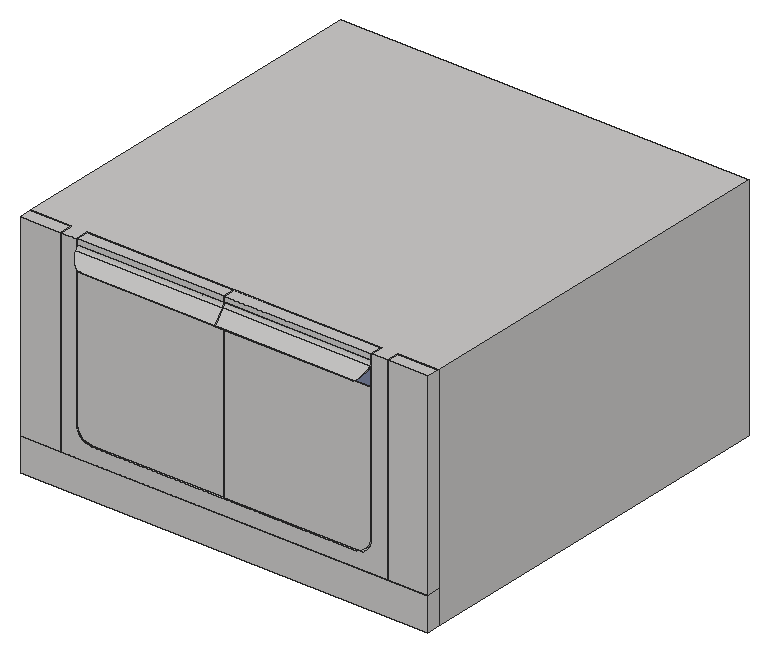
Revit family "QF_ELECTROLUXPROFESSIONAL_588584_MB1FCAHOOO", category Attrezzature speciali, Revit 2020
Family settings
  Quota connettore circolare = Usa diametro
  Tipo di parte = Normale
  Basato su piano di lavoro = No
  Sempre verticale = Sì
  Taglio con vuoti quando caricato = No
  Condiviso = No
  Punto di calcolo locali = No
Parameters (values of type "Standard")
  Weight = 29.00 kg
  Watts = 0 W
  Volts = 0 V
  URL Manufacturer = "https://www.electroluxprofessional.com/"
  URL = "https://www.electroluxprofessional.com/"
  Steam Supply Size = 0"
  Steam Supply Minimum Pressure = 0.00 psi
  Steam Supply Maximum Pressure = 0.00 psi
  Steam Consumption per Hour = 0
  Refrigeration Suction Line Size = 0 mm
  Refrigeration Liquid Line Size = 0 mm
  Refrigerant Compressor Remote = yes
  Prospetto di default = 0 mm
  Phase = 0
  Modello = "MB1FCAHOOO"
  Produttore = "Electrolux Professional"
  Length Actual = 800 mm  # constant formula
  Item Number = "588584"
  Hot Water Size = 0"
  Height Actual = 450 mm  # constant formula
  HP = "0 HP"
  Gas Size = 0"
  Gas KW = 0
  Gas Input Pressure = 0.0 Btu/h
  Direct Waste Size = 0"
  Descrizione = "CUPBOARD BASE,GN,2 DR,1-S,H2-800X850X450"
  Depth Actual = 850 mm  # constant formula
  Cycle = 0 Hz
  Condensate Return Size = 0"
  Compressed Air Volume = 0 GPM
  Compressed Air Size = 0"
  Compressed Air Pressure = 0.00 psi
  Cold Water Size = 0"
  Accessory = yes
Reference planes
  plane 1 "BACK": y = 0
  plane 2: z = 0
  plane 3 "LEFT": x = 0
  plane 4 "RIGHT": x = 800
  plane 5 "FRONT": y = -850
  plane 6 "PLAIN": z = 900
  plane 7 "Center (Left/Right)": x = 400
  plane 8 "Center (Front/Back)": y = -425
  plane 9 "TOP": z = 650
  plane 10 "BASE": z = 200
  plane 11: x = 722
  plane 12: x = 78
  plane 13 "Feet_back": y = -150
  plane 14 "Feet_Front": y = -720
  plane 15: x = 80
  plane 16: x = 720
  plane 17: z = 265
  plane 18: y = -45
  plane 19: y = -805
  plane 20: y = -70
  plane 21: y = -830
  plane 22 "ButtonZ": z = 590
Forms (mm)
  Extrusion 1, solid, material "QF_Finishes_Stainless Steel"
    sketch origin (0, 0, 650) x (0, 1, 0) y (0, 0, 1)
      loop
        line (-45, -450) -> (-45, 0) -> (-805, 0) -> (-805, -450) -> (-45, -450)
    from 0 to 800
  Extrusion 2, solid, material "QF_Finishes_Stainless Steel"
    sketch origin (0, 0, 650) x (0, 1, 0) y (0, 0, 1)
      loop
        line (-830, -450) -> (-805, -450) -> (-805, -385) -> (-830, -385) -> (-830, -450)
    from 0 to 800
  Extrusion 3, void
    sketch origin (0, -850, 0) x (1, 0, 0) y (0, 0, 1)
      loop
        line (80, 650) -> (80, 265) -> (720, 265) -> (720, 650) -> (80, 650)
    from 0 to -780
  Extrusion 4, solid, material "QF_Finishes_Stainless Steel"
    sketch origin (0, -850, 0) x (1, 0, 0) y (0, 0, 1)
      loop
        line (110, 650) -> (110, 627) -> (690, 627) -> (690, 650) -> (110, 650)
    from -45 to -805
  Extrusion 5, solid, material "QF_Finishes_Stainless Steel"
    sketch origin (0, -850, 0) x (1, 0, 0) y (0, 0, 1)
      loop
        line (80, 650) -> (80, 265) -> (720, 265) -> (720, 650) -> (690, 650) -> (690, 325)
        arc (690, 325) -> (681.213, 303.787) -> (660, 295) r 30
        line (660, 295) -> (140, 295)
        arc (140, 295) -> (118.787, 303.787) -> (110, 325) r 30
        line (110, 325) -> (110, 650) -> (80, 650)
    from -20 to -780
  Extrusion 6, solid, material "QF_Finishes_Stainless Steel"
    sketch origin (0, -850, 0) x (1, 0, 0) y (0, 0, 1)
      loop
        line (0, 650) -> (0, 265) -> (80, 265) -> (80, 650) -> (0, 650)
    from -20 to -45
  Extrusion 7, solid, material "QF_Finishes_Stainless Steel"
    sketch origin (0, -850, 0) x (1, 0, 0) y (0, 0, 1)
      loop
        line (720, 650) -> (720, 265) -> (800, 265) -> (800, 650) -> (720, 650)
    from -20 to -45
Cuts and joins
  Extrusion 3 cuts Extrusion 1
  joined: Extrusion 1, Extrusion 4, Extrusion 5
Lines and regions (mm)
  symbolic lines, style "SpecialityEquipmentHiddenLines"
    curve 1: line (0, 0, 0) -> (800, 0, 0)
    curve 2: line (0, -850, 0) -> (0, 0, 0)
    curve 3: line (800, -850, 0) -> (0, -850, 0)
    curve 4: line (800, 0, 0) -> (800, -850, 0)
Dimensions and locks
  plane 3 "LEFT" to plane 4 "RIGHT" = 800 mm
  plane 5 "FRONT" to plane 1 "BACK" = 850 mm
  equal spacing: plane 3 "LEFT", plane 7 "Center (Left/Right)", plane 4 "RIGHT"
  equal spacing: plane 5 "FRONT", plane 8 "Center (Front/Back)", plane 1 "BACK"
  plane 6 "PLAIN" to plane 9 "TOP" = 250 mm
  plane 10 "BASE" to level = 200 mm
  plane 9 "TOP" to plane 10 "BASE" = 450 mm
  locked: plane 1 "BACK" to plane 13 "Feet_back" at 150
  locked: plane 14 "Feet_Front" to plane 5 "FRONT" at 130
  locked: plane 12 to plane 3 "LEFT" at 78
  locked: plane 11 to plane 4 "RIGHT" at 78
  plane 16 to plane 15 = 640 mm
  equal spacing: plane 16, plane 7 "Center (Left/Right)", plane 15
  locked: plane 17 to plane 10 "BASE" at 65
  locked: plane 1 "BACK" to plane 18 at 45
  plane 9 "TOP" to Extrusion 4 sketch curve = 23 mm
  locked: Extrusion 4 sketch curve to plane 15 at 30
  locked: plane 16 to Extrusion 4 sketch curve at 30
  locked: Extrusion 5 sketch curve to plane 17 at 30
  plane 6 "PLAIN" to level = 900 mm
  Extrusion 5 to Extrusion 5 = 580 mm
  locked: plane 18 to plane 20 at 25
  locked: plane 21 to plane 5 "FRONT" at 20
  locked: plane 19 to plane 21 at 25
  plane 18 to plane 21 = 785 mm
  plane 22 "ButtonZ" to level = 590 mm
  aligned and locked: level to plane 2
  aligned and locked: Extrusion 1 to plane 4 "RIGHT"
  aligned and locked: Extrusion 1 to plane 3 "LEFT"
  aligned and locked: Extrusion 2 to plane 4 "RIGHT"
  aligned and locked: plane 9 "TOP" to Extrusion 3 sketch curve
  aligned and locked: Extrusion 3 sketch curve to plane 15
  aligned and locked: plane 16 to Extrusion 3 sketch curve
  aligned and locked: Extrusion 2 to plane 10 "BASE"
  aligned and locked: Extrusion 2 to plane 17
  aligned and locked: plane 17 to Extrusion 3 sketch curve
  aligned and locked: Extrusion 4 to plane 18
  aligned and locked: Extrusion 5 sketch curve to plane 15
  aligned and locked: plane 16 to Extrusion 5 sketch curve
  aligned and locked: plane 9 "TOP" to Extrusion 5 sketch curve  (x2)
  aligned and locked: plane 17 to Extrusion 5 sketch curve
  aligned and locked: Extrusion 5 sketch curve to Extrusion 4  (x2)
  aligned and locked: Extrusion 6 sketch curve to plane 9 "TOP"
  aligned and locked: plane 3 "LEFT" to Extrusion 6 sketch curve
  aligned and locked: Extrusion 6 sketch curve to plane 17
  aligned and locked: Extrusion 6 sketch curve to plane 15
  aligned and locked: Extrusion 7 sketch curve to plane 9 "TOP"
  aligned and locked: plane 16 to Extrusion 7 sketch curve
  aligned and locked: Extrusion 7 sketch curve to plane 17
  aligned and locked: plane 4 "RIGHT" to Extrusion 7 sketch curve
  aligned and locked: cut or joined group of Extrusion 1, Extrusion 3, Extrusion 4, Extrusion 5 to Extrusion 4
  aligned and locked: plane 7 "Center (Left/Right)" to nested 1
  aligned and locked: Extrusion 5 to plane 20
  aligned and locked: cut or joined group of Extrusion 1, Extrusion 3, Extrusion 4, Extrusion 5 to plane 20
  aligned and locked: cut or joined group of Extrusion 1, Extrusion 3, Extrusion 4, Extrusion 5 to plane 18
  aligned and locked: plane 19 to Extrusion 4
  aligned and locked: Extrusion 6 to plane 19
  aligned and locked: plane 21 to Extrusion 6
  aligned and locked: plane 21 to Extrusion 5
  aligned and locked: plane 21 to Extrusion 7
  aligned and locked: Extrusion 7 to plane 19
  aligned and locked: Extrusion 2 to plane 19
  aligned and locked: plane 21 to Extrusion 2
Automatic sketch dimensions
  Extrusion 1 sketch curve to plane 10 "BASE" = 0 mm
  Extrusion 1 sketch curve to plane 9 "TOP" = 0 mm
  plane 1 "BACK" to Extrusion 1 sketch curve = 45 mm
  Extrusion 1 sketch curve to plane 5 "FRONT" = 45 mm
  Extrusion 2 sketch curve to plane 5 "FRONT" = 20 mm
  Extrusion 2 sketch curve to plane 9 "TOP" = 385 mm
  plane 10 "BASE" to Extrusion 2 sketch curve = 0 mm
  Extrusion 2 sketch curve to plane 5 "FRONT" = 45 mm
  Extrusion 4 sketch curve to plane 9 "TOP" = 0 mm
  Extrusion 5 sketch curve to Extrusion 5 sketch curve = 30 mm  (x2)
  curve 3 to plane 3 "LEFT" = 0 mm
  curve 3 to plane 4 "RIGHT" = 0 mm
  plane 5 "FRONT" to curve 3 = 0 mm
  plane 1 "BACK" to curve 2 = 0 mm
Nested families
  nested 1: "H450H2_2DOOR" at (363.958, -805, 200) x (1, 0, 0) z (0, -1, 0), type "H450H2_2DOOR"
    with Width 580 mm, Wdoor 290 mm, Show Clearance yes
Definition of nested family "H450H2_2DOOR"
  Parameters
    Width [instance] = 580 mm
    Wdoor [instance] = Width / 2  # 290 mm
    Show Clearance [instance] = yes
    Model = "727995"
    Height = 450 mm
    Default Elevation = 0 mm
  Reference planes
    plane 1 "Center (Front/Back)": y = 0
    plane 2: z = 0
    plane 3 "Center (Left/Right)": x = 36.042
    plane 4 "panel": z = 25
    plane 5: x = -253.958
    plane 6: x = 326.042
    plane 7: y = 450
    plane 8: z = 290
    plane 9: z = 45
  Forms (mm)
    Extrusion 1, solid
      sketch origin (0, -919.2, 0) x (1, 0, 0) y (0, 1, 0)
        loop
          line (-980.5, 2119.2) -> (-980.5, -162.846) -> (881.94, -162.846) -> (881.94, 2119.2) -> (-980.5, 2119.2)
      from 0 to -59.546
    Extrusion 2, solid
      sketch origin (0, 0, 0) x (1, 0, 0) y (0, 1, 0)
        loop
          line (324.042, 393) -> (37.042, 393) -> (37.042, 97) -> (294.042, 97)
          arc (294.042, 97) -> (315.255, 105.787) -> (324.042, 127) r 30
          line (324.042, 127) -> (324.042, 393)
        loop
          arc (-251.958, 127) -> (-243.171, 105.787) -> (-221.958, 97) r 30
          line (-221.958, 97) -> (35.042, 97) -> (35.042, 393) -> (-251.958, 393) -> (-251.958, 127)
      from 0 to 25
    Extrusion 3, solid
      sketch origin (0, 0, 0) x (1, 0, 0) y (0, 1, 0)
        loop
          line (-251.958, 393) -> (35.042, 393) -> (35.042, 440) -> (-251.958, 440) -> (-251.958, 393)
        loop
          line (37.042, 440) -> (37.042, 393) -> (324.042, 393) -> (324.042, 440) -> (37.042, 440)
      from 0 to 25
    Extrusion 4, solid
      sketch origin (5.581, 79.805, 0) x (1, 0, 0) y (0, 1, 0)
        loop
          line (-257.539, 360.195) -> (29.461, 360.195) -> (29.461, 370.195) -> (-257.539, 370.195) -> (-257.539, 360.195)
        loop
          line (31.461, 370.195) -> (31.461, 360.195) -> (318.461, 360.195) -> (318.461, 370.195) -> (31.461, 370.195)
      from 0 to 25
    Extrusion 5, solid
      sketch origin (36.042, 0, 0) x (0, 1, 0) y (0, 0, 1)
        loop
          line (426.693, 25) -> (440.02, 25)
          arc (440.02, 25) -> (435.261, 25.775) -> (430.993, 28.02) r 15
          line (430.993, 28.02) -> (406.653, 46.362) -> (403.644, 42.369) -> (426.693, 25)
      from 1 to 288
    Extrusion 6, solid
      sketch origin (36.042, 0, 0) x (0, 1, 0) y (0, 0, 1)
        loop
          line (426.693, 25) -> (440.02, 25)
          arc (440.02, 25) -> (435.261, 25.775) -> (430.993, 28.02) r 15
          line (430.993, 28.02) -> (406.653, 46.362) -> (403.644, 42.369) -> (426.693, 25)
      from -288 to -1
    Extrusion 7, void
      sketch origin (0, 0, 0) x (1, 0, 0) y (0, 1, 0)
        loop
          arc (324.042, 426.693) -> (314.508, 412.772) -> (300.317, 403.644) r 42.603
          line (300.317, 403.644) -> (324.042, 403.644) -> (324.042, 426.693)
      from 0 to 47.9
    Extrusion 8, void
      sketch origin (72.084, 0, 0) x (-1, 0, 0) y (0, -1, 0)
        loop
          line (324.042, -426.693) -> (324.042, -403.644) -> (300.317, -403.644)
          arc (300.317, -403.644) -> (314.508, -412.772) -> (324.042, -426.693) r 42.603
      from 0 to 47.9
    Extrusion 9, solid, detail levels coarse
      sketch origin (0, 0, 0) x (1, 0, 0) y (0, 0, 1)
        loop
          arc (36.042, 25) -> (-41.575, 212.383) -> (-228.958, 290) r 265
          line (-228.958, 290) -> (-228.958, 25) -> (36.042, 25)
      from -450 to -97
    Extrusion 10, solid, detail levels coarse
      sketch origin (0, 0, 0) x (1, 0, 0) y (0, 0, 1)
        loop
          arc (301.042, 290) -> (113.659, 212.383) -> (36.042, 25) r 265
          line (36.042, 25) -> (301.042, 25) -> (301.042, 290)
      from -450 to -97
  Cuts and joins
    Extrusion 8 cuts Extrusion 6
    Extrusion 7 cuts Extrusion 5
  Lines and regions (mm)
    symbolic lines
      curve 1: line (326.042, 0, 45) -> (326.042, 0, 290)
      curve 2: line (301.042, 0, 45) -> (301.042, 0, 290)
      curve 3: line (326.042, 0, 290) -> (301.042, 0, 290)
      curve 4: line (-253.958, 0, 45) -> (-253.958, 0, 290)
      curve 5: line (-228.958, 0, 45) -> (-228.958, 0, 290)
      curve 6: line (-253.958, 0, 290) -> (-228.958, 0, 290)
      curve 7: arc (301.042, 0, 290) -> (120.901, 0, 219.356) -> (36.804, 0, 45.088) r 265
      curve 8: arc (35.286, 0, 44.997) -> (-48.783, 0, 219.325) -> (-228.958, 0, 290) r 265
  Dimensions and locks
    plane 4 "panel" to level = 25 mm
    "Width": plane 5 to plane 6
    equal spacing: plane 5, plane 3 "Center (Left/Right)", plane 6
    "Height": plane 1 "Center (Front/Back)" to plane 7
    locked: plane 5 to Extrusion 2 sketch curve at 2
    locked: Extrusion 2 sketch curve to plane 6 at 2
    locked: plane 1 "Center (Front/Back)" to Extrusion 2 sketch curve at 97
    locked: plane 7 to Extrusion 2 sketch curve at 57
    locked: Extrusion 2 sketch curve to plane 3 "Center (Left/Right)" at 1
    locked: plane 3 "Center (Left/Right)" to Extrusion 2 sketch curve at 1
    Extrusion 3 sketch curve to Extrusion 2 = 47 mm
    "Wdoor": plane 8 to level
    locked: curve 2 to curve 1 at 25
    locked: curve 5 to curve 4 at 25
    plane 4 "panel" to plane 9 = 20 mm
    aligned and locked: plane 2 to Extrusion 1
    aligned and locked: level to Extrusion 1
    aligned and locked: plane 4 "panel" to Extrusion 2
    aligned and locked: Extrusion 2 to Extrusion 3 sketch curve
    aligned and locked: Extrusion 3 sketch curve to Extrusion 2  (x2)
    aligned and locked: Extrusion 3 sketch curve to Extrusion 3 sketch curve
    aligned and locked: plane 4 "panel" to Extrusion 3
    aligned and locked: Extrusion 4 sketch curve to Extrusion 4 sketch curve
    aligned and locked: Extrusion 4 sketch curve to Extrusion 3  (x3)
    aligned and locked: Extrusion 3 to Extrusion 4 sketch curve
    aligned and locked: Extrusion 4 sketch curve to plane 7
    aligned and locked: Extrusion 3 to Extrusion 5
    aligned and locked: Extrusion 5 to Extrusion 3
    aligned and locked: Extrusion 6 to Extrusion 3
    aligned and locked: Extrusion 3 to Extrusion 6
    aligned and locked: Extrusion 7 sketch curve to Extrusion 5
    aligned and locked: Extrusion 8 to Extrusion 6
    aligned and locked: Extrusion 4 to Extrusion 8
    aligned and locked: Extrusion 2 to Extrusion 7
    aligned and locked: Extrusion 7 to Extrusion 5
    aligned and locked: Extrusion 4 to Extrusion 3  (x2)
    aligned and locked: Extrusion 3 to Extrusion 2
    aligned and locked: Extrusion 4 to Extrusion 2
    aligned and locked: curve 3 to plane 8
    aligned and locked: curve 1 to plane 6
    aligned and locked: curve 4 to plane 5
    aligned and locked: Extrusion 9 sketch curve to plane 4 "panel"
    aligned and locked: Extrusion 10 sketch curve to curve 7
    aligned and locked: Extrusion 10 sketch curve to curve 2
    aligned and locked: Extrusion 2 to Extrusion 9
    aligned and locked: Extrusion 2 to Extrusion 10
    aligned and locked: plane 7 to Extrusion 9
    aligned and locked: Extrusion 3 to Extrusion 4
  Automatic sketch dimensions
    Extrusion 1 sketch curve to Extrusion 1 sketch curve = 1862.44 mm
    Extrusion 1 sketch curve to Extrusion 1 sketch curve = 2282.046 mm
    Extrusion 2 sketch curve to Extrusion 2 sketch curve = 30 mm  (x2)
    Extrusion 2 sketch curve to plane 1 "Center (Front/Back)" = 97 mm
    Extrusion 2 sketch curve to Extrusion 2 sketch curve = 0 mm
    Extrusion 3 sketch curve to plane 3 "Center (Left/Right)" = 1 mm
    plane 5 to Extrusion 3 sketch curve = 2 mm
    Extrusion 3 sketch curve to Extrusion 3 sketch curve = 0 mm
    Extrusion 5 sketch curve to plane 4 "panel" = 0 mm
    plane 4 "panel" to Extrusion 5 sketch curve = 17.369 mm
    Extrusion 5 sketch curve to plane 7 = 46.356 mm
    plane 4 "panel" to Extrusion 5 sketch curve = 21.362 mm
    Extrusion 5 sketch curve to Extrusion 5 sketch curve = 3.009 mm
    plane 4 "panel" to Extrusion 5 sketch curve = 3.02 mm
    Extrusion 5 sketch curve to Extrusion 5 sketch curve = 9.027 mm
    Extrusion 6 sketch curve to plane 4 "panel" = 0 mm
    plane 4 "panel" to Extrusion 6 sketch curve = 17.369 mm
    Extrusion 6 sketch curve to plane 7 = 46.356 mm
    plane 4 "panel" to Extrusion 6 sketch curve = 21.362 mm
    Extrusion 6 sketch curve to Extrusion 6 sketch curve = 3.009 mm
    plane 4 "panel" to Extrusion 6 sketch curve = 3.02 mm
    Extrusion 6 sketch curve to Extrusion 6 sketch curve = 9.027 mm
    Extrusion 7 sketch curve to Extrusion 7 sketch curve = 23.725 mm
    Extrusion 7 sketch curve to plane 7 = 6.671 mm
    Extrusion 7 sketch curve to plane 6 = 41.221 mm
    Extrusion 7 sketch curve to plane 7 = 23.307 mm
    plane 7 to Extrusion 8 sketch curve = 6.671 mm
    Extrusion 8 sketch curve to plane 5 = 41.221 mm
    Extrusion 8 sketch curve to plane 5 = 25.725 mm
    Extrusion 8 sketch curve to plane 5 = 2 mm
    plane 7 to Extrusion 8 sketch curve = 23.307 mm
    Extrusion 4 sketch curve to Extrusion 4 sketch curve = 10 mm
    Extrusion 4 sketch curve to plane 7 = 10 mm
    curve 2 to plane 9 = 0 mm
    curve 5 to plane 9 = 0 mm
    curve 4 to plane 9 = 0 mm
    curve 1 to plane 9 = 0 mm
    curve 8 to plane 4 "panel" = 0 mm
    curve 5 to plane 8 = 0 mm
    curve 8 to plane 9 = 0.003 mm
    curve 7 to plane 4 "panel" = 0 mm
    plane 9 to curve 7 = 0.088 mm
